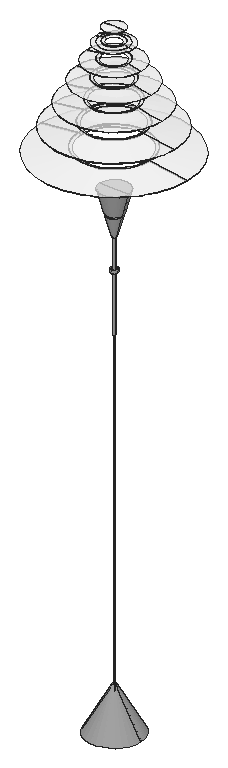
Revit family "Enigma 825", category Lighting Fixtures, host Face, Revit 2015
Parameters
  Width = 0 mm
  Weight (Kg) = 0
  Wattage = 96 W
  built-in parameter 1150110 = 1 (stored number, unit not read)
  Voltage (US Only) = 0 V
  Trim and Accessories = ""
  built-in parameter 1114217 = 1 (stored number, unit not read)
  Tilt Angle = -90.00°
  built-in parameter 1150109 = 1 (stored number, unit not read)
  built-in parameter 1150134 = 3
  Suspension Height [instance] = 2000 mm
  built-in parameter 1150113 = 1 (stored number, unit not read)
  Reflector Finish = none
  Product Documentation Link = ""
  Product Code = "x"
  Product Category = "Pendant"
  Power Factor (US Only) = 0
  Photometric Web File = "generic"
  Option = ""
  Number of Poles (US Only) = 0
  built-in parameter 1150142 = (empty or 0)
  Manufacturer = "Louis Poulsen Lighting"
  built-in parameter 1150105 = 267.38 (stored number, unit not read)
  Lumens = 3360 lm
  built-in parameter 1150115 = 1 (stored number, unit not read)
  Lighting Technique = ""
  built-in parameter 1150137 = (empty or 0)
  built-in parameter 1150139 = (empty or 0)
  Length = 0 mm
  built-in parameter 1150112 = 1 (stored number, unit not read)
  built-in parameter 1150114 = 1 (stored number, unit not read)
  Lamp = "x"
  Insulation Class (Not US) = ""
  built-in parameter 1150132 = 2
  built-in parameter 1150102 = (empty or 0)
  built-in parameter 1150107 = 3200 (stored number, unit not read)
  built-in parameter 1150138 = (empty or 0)
  built-in parameter 1150106 = 2.6738 (stored number, unit not read)
  IP (Not US) = ""
  IK (Not US - Outdoor only) = ""
  Height = 0 mm
  Efficiency (Lm/W) = ""
  built-in parameter 1150104 = 3.2516 (stored number, unit not read)
  Drawn By = "Louis Poulsen Lighting"
  Dimming Lamp Color Temperature Shift = <None>
  Designer = ""
  Description = "x"
  Default Elevation = 1000 mm
  Cut-off = "N/A"
  Color Filter = 16777215
  CRI = ""
  Build-in height = ""
  Bug Rating (US Outdoor Only) = "N/A"
  Body Finish = Louis Poulsen - ALU BR. & ANO - 912
  built-in parameter 1114218 = 1 (stored number, unit not read)
  built-in parameter 1150133 = 10 (stored number, unit not read)
Reference planes
  plane 1 "Center (Front/Back)": y = 0
  plane 2: z = 0
  plane 3 "Center (Left/Right)": x = 0
  plane 4 "Suspension height Ref Level": z = 2000
  plane 5: y = 0
  plane 6: through (472.843, 818.987, 1219.2) normal (0.866, -0.5, 0)
  plane 7: through (0, 0, 1219.2) normal (0.866, 0.5, 0)
Forms (mm)
  Revolve 1, solid, material "Louis Poulsen White Enigma"
    sketch origin (0, 0, 0) x (1, 0, 0) y (0, 0, 1)
      loop
        line (0, 3550.442) -> (0, 3545.039) -> (3.9, 3545.039)
        arc (3.9, 3545.039) -> (31.834, 3541.22) -> (60.025, 3540.808) r 232.72
        line (60.025, 3540.808) -> (60.025, 3542.596)
        arc (60.025, 3542.596) -> (29.815, 3545.01) -> (0, 3550.442) r 301.69
      loop
        line (39.49, 3468.451) -> (40.134, 3466.036) -> (55.522, 3470.135)
        arc (55.522, 3470.135) -> (56.343, 3470.278) -> (57.163, 3470.131) r 2.388
        arc (57.163, 3470.131) -> (68.101, 3467.414) -> (79.082, 3464.872) r 701.459
        arc (79.082, 3464.872) -> (91.825, 3462.444) -> (104.694, 3460.815) r 208.045
        line (104.694, 3460.815) -> (104.93, 3463.304)
        arc (104.93, 3463.304) -> (92.216, 3464.913) -> (79.626, 3467.312) r 205.545
        arc (79.626, 3467.312) -> (68.735, 3469.832) -> (57.886, 3472.527) r 698.959
        arc (57.886, 3472.527) -> (56.338, 3472.778) -> (54.79, 3472.527) r 4.888
        line (54.79, 3472.527) -> (39.49, 3468.451)
      loop
        line (63.005, 3380.455) -> (63.652, 3378.04) -> (79.329, 3382.24)
        arc (79.329, 3382.24) -> (79.963, 3382.324) -> (80.597, 3382.24) r 2.451
        arc (80.597, 3382.24) -> (117.395, 3374.532) -> (154.819, 3370.933) r 340.044
        line (154.819, 3370.933) -> (154.92, 3373.431)
        arc (154.92, 3373.431) -> (117.772, 3377.004) -> (81.245, 3384.655) r 337.544
        arc (81.245, 3384.655) -> (79.963, 3384.824) -> (78.682, 3384.655) r 4.951
        line (78.682, 3384.655) -> (63.005, 3380.455)
      loop
        line (88.519, 3284.291) -> (89.166, 3281.877) -> (105.235, 3286.182)
        arc (105.235, 3286.182) -> (105.982, 3286.281) -> (106.729, 3286.182) r 2.887
        arc (106.729, 3286.182) -> (158.548, 3275.468) -> (211.258, 3270.815) r 457.101
        line (211.258, 3270.815) -> (211.258, 3273.316)
        arc (211.258, 3273.316) -> (158.875, 3277.947) -> (107.376, 3288.597) r 454.601
        arc (107.376, 3288.597) -> (105.982, 3288.781) -> (104.588, 3288.597) r 5.387
        line (104.588, 3288.597) -> (88.519, 3284.291)
      loop
        line (116.935, 3178.304) -> (117.712, 3175.406) -> (133.956, 3179.759)
        arc (133.956, 3179.759) -> (134.45, 3179.824) -> (134.944, 3179.759) r 1.908
        arc (134.944, 3179.759) -> (203.128, 3165.982) -> (272.498, 3160.803) r 557.507
        line (272.498, 3160.803) -> (272.498, 3163.803)
        arc (272.498, 3163.803) -> (203.52, 3168.956) -> (135.72, 3182.656) r 554.507
        arc (135.72, 3182.656) -> (134.45, 3182.824) -> (133.179, 3182.656) r 4.908
        line (133.179, 3182.656) -> (116.935, 3178.304)
      loop
        line (148.032, 3062.301) -> (148.809, 3059.403) -> (165.069, 3063.76)
        arc (165.069, 3063.76) -> (165.543, 3063.821) -> (166.016, 3063.752) r 1.771
        arc (166.016, 3063.752) -> (252.417, 3047.807) -> (339.997, 3040.811) r 855.114
        line (339.997, 3040.811) -> (339.997, 3043.812)
        arc (339.997, 3043.812) -> (252.792, 3050.783) -> (166.762, 3066.658) r 852.114
        arc (166.762, 3066.658) -> (165.527, 3066.821) -> (164.292, 3066.658) r 4.771
        line (164.292, 3066.658) -> (148.032, 3062.301)
      loop
        line (182.53, 2936.291) -> (183.307, 2933.394) -> (199.511, 2937.736)
        arc (199.511, 2937.736) -> (200.083, 2937.808) -> (200.654, 2937.725) r 2.135
        arc (200.654, 2937.725) -> (305.835, 2918.872) -> (412.387, 2910.791) r 1051.617
        line (412.387, 2910.791) -> (412.462, 2913.79)
        arc (412.462, 2913.79) -> (306.244, 2921.845) -> (201.392, 2940.633) r 1048.617
        arc (201.392, 2940.633) -> (200.064, 2940.808) -> (198.735, 2940.633) r 5.135
        line (198.735, 2940.633) -> (182.53, 2936.291)
      axis (0, 3550.442) -> (0, 2910.791)
    angle from 0 to 360
  Revolve 2, solid, material "Louis Poulsen - ALU BR. & ANO - 912" <- "Body Finish"
    sketch origin (0, 0, 0) x (1, 0, 0) y (0, 0, 1)
      loop
        line (0, 2730.811) -> (0, 2000) -> (6.483, 2000) -> (6.483, 2307) -> (11.554, 2307) -> (11.554, 2315) -> (19.105, 2315) -> (19.105, 2329) -> (18.034, 2329) -> (18.034, 2327) -> (6.483, 2327) -> (6.483, 2490) -> (9.728, 2490)
        arc (9.728, 2490) -> (11.004, 2490.352) -> (11.772, 2491.431) r 1.976
        line (11.772, 2491.431) -> (41.744, 2597) -> (32.01, 2597) -> (32.01, 2610.811) -> (45.665, 2610.811) -> (79.735, 2730.811) -> (0, 2730.811)
      axis (0, 2730.811) -> (0, 2000)
    angle from 0 to 360
  Extrusion 3, solid, material "Louis poulsen Ledningshvid"
    sketch origin (0, 0, 0) x (1, 0, 0) y (0, 1, 0)
      loop
        circle (0, 0) r 4
    from 0 to 2000
  Revolve 4, solid, material "Louis Poulsen - ALU BR. & ANO - 912" <- "Body Finish"
    sketch origin (0, 0, 0) x (1, 0, 0) y (0, 0, 1)
      loop
        line (9.728, 240.811) -> (9.728, 232.811) -> (144.142, 0) -> (148.76, 0) -> (9.728, 240.811)
      axis (0, 240.811) -> (0, 0)
    angle from 0 to 360
Lines and regions (mm)
  reference lines
    curve 1: line (-29.734, 0, 3541.005) -> (-190.737, 0, 2936.203)
    curve 2: line (-190.737, 0, 2936.203) -> (-17.19, 0, 2327)
    curve 5: line (14.852, 25.724, 3540.889) -> (93.218, 161.458, 2930.696)
    curve 6: line (93.218, 161.458, 2930.696) -> (8.71, 15.087, 2327.089)
    curve 7: line (14.723, -25.501, 3540.801) -> (90.324, -156.445, 2934.366)
    curve 8: line (90.324, -156.445, 2934.366) -> (8.277, -14.336, 2326.112)
  model lines
    curve 3: line (-190.737, 0, 2936.203) -> (-17.19, 0, 2327)
    curve 4: line (-29.734, 0, 3541.005) -> (-190.737, 0, 2936.203)
    curve 9: line (8.277, -14.336, 2326.112) -> (90.324, -156.445, 2934.366)
    curve 10: line (90.324, -156.445, 2934.366) -> (14.723, -25.501, 3540.801)
    curve 11: line (8.71, 15.087, 2327.089) -> (93.218, 161.458, 2930.696)
    curve 12: line (93.218, 161.458, 2930.696) -> (14.852, 25.724, 3540.889)
Dimensions and locks
  "Suspension Height": plane 4 "Suspension height Ref Level" to level
  locked: imposter light to Revolve 2 at 1.625
  aligned and locked: plane 2 to host face
  aligned and locked: level to host face
  aligned and locked: Revolve 1 sketch curve to plane 3 "Center (Left/Right)"
  aligned and locked: Revolve 2 sketch curve to plane 3 "Center (Left/Right)"
  aligned and locked: plane 4 "Suspension height Ref Level" to Extrusion 3
  aligned and locked: Revolve 4 sketch curve to plane 3 "Center (Left/Right)"
  aligned and locked: curve 3 to curve 2
  aligned and locked: curve 4 to curve 1
Automatic sketch dimensions
  host sketch curve to host sketch curve = 854.334 mm
  host sketch curve to host sketch curve = 857.108 mm
  plane 1 "Center (Front/Back)" to Extrusion 3 sketch curve = 0 mm
  Extrusion 3 sketch curve to plane 3 "Center (Left/Right)" = 0 mm
  Revolve 1 sketch curve to Revolve 1 sketch curve = 0 mm  (x26)
  Revolve 1 sketch curve to plane 3 "Center (Left/Right)" = 0 mm
  Revolve 1 sketch curve to Revolve 1 sketch curve = 3.9 mm
  plane 3 "Center (Left/Right)" to Revolve 1 sketch curve = 39.49 mm
  Revolve 1 sketch curve to Revolve 1 sketch curve = 0.643 mm
  plane 3 "Center (Left/Right)" to Revolve 1 sketch curve = 49.328 mm
  Revolve 1 sketch curve to Revolve 1 sketch curve = 15.3 mm
  Revolve 1 sketch curve to Revolve 1 sketch curve = 0.732 mm
  Revolve 1 sketch curve to Revolve 1 sketch curve = 0.816 mm
  Revolve 1 sketch curve to Revolve 1 sketch curve = 56.125 mm
  plane 3 "Center (Left/Right)" to Revolve 1 sketch curve = 63.005 mm
  Revolve 1 sketch curve to Revolve 1 sketch curve = 0.647 mm  (x4)
  plane 3 "Center (Left/Right)" to Revolve 1 sketch curve = 68.917 mm
  Revolve 1 sketch curve to Revolve 1 sketch curve = 15.677 mm
  Revolve 1 sketch curve to Revolve 1 sketch curve = 0.634 mm
  plane 3 "Center (Left/Right)" to Revolve 1 sketch curve = 88.519 mm
  Revolve 1 sketch curve to Revolve 1 sketch curve = 16.069 mm
  Revolve 1 sketch curve to Revolve 1 sketch curve = 48.356 mm
  Revolve 1 sketch curve to Revolve 1 sketch curve = 0.236 mm
  Revolve 1 sketch curve to Revolve 1 sketch curve = 0.747 mm
  Revolve 1 sketch curve to Revolve 1 sketch curve = 10.953 mm
  Revolve 1 sketch curve to Revolve 1 sketch curve = 0.776 mm  (x6)
  plane 3 "Center (Left/Right)" to Revolve 1 sketch curve = 124.37 mm
  Revolve 1 sketch curve to Revolve 1 sketch curve = 16.244 mm
  Revolve 1 sketch curve to Revolve 1 sketch curve = 0.494 mm
  Revolve 1 sketch curve to Revolve 1 sketch curve = 13.582 mm
  Revolve 1 sketch curve to Revolve 1 sketch curve = 74.856 mm
  Revolve 1 sketch curve to Revolve 1 sketch curve = 0.101 mm
  Revolve 1 sketch curve to Revolve 1 sketch curve = 16.26 mm
  Revolve 1 sketch curve to Revolve 1 sketch curve = 0.458 mm
  Revolve 1 sketch curve to Revolve 1 sketch curve = 44.237 mm
  Revolve 1 sketch curve to Revolve 1 sketch curve = 17.003 mm
  Revolve 1 sketch curve to Revolve 1 sketch curve = 16.204 mm
  Revolve 1 sketch curve to Revolve 1 sketch curve = 0.552 mm
  Revolve 1 sketch curve to Revolve 1 sketch curve = 105.276 mm
  Revolve 1 sketch curve to Revolve 1 sketch curve = 56.428 mm
  plane 3 "Center (Left/Right)" to Revolve 1 sketch curve = 231.778 mm
  Revolve 1 sketch curve to Revolve 1 sketch curve = 61.239 mm
  Revolve 1 sketch curve to Revolve 1 sketch curve = 54.201 mm
  Revolve 1 sketch curve to Revolve 1 sketch curve = 67.5 mm
  Revolve 1 sketch curve to Revolve 1 sketch curve = 84.964 mm
  Revolve 1 sketch curve to Revolve 1 sketch curve = 72.39 mm
  Revolve 1 sketch curve to Revolve 1 sketch curve = 0.075 mm
  Revolve 1 sketch curve to Revolve 1 sketch curve = 74.338 mm
  plane 4 "Suspension height Ref Level" to Revolve 1 sketch curve = 910.791 mm
  Revolve 1 sketch curve to Revolve 1 sketch curve = 2.999 mm
  Revolve 1 sketch curve to Revolve 1 sketch curve = 19.603 mm
  Revolve 1 sketch curve to Revolve 1 sketch curve = 2.28 mm
  Revolve 1 sketch curve to Revolve 1 sketch curve = 2.898 mm  (x3)
  Revolve 1 sketch curve to Revolve 1 sketch curve = 127.021 mm
  Revolve 1 sketch curve to Revolve 1 sketch curve = 3.001 mm
  Revolve 1 sketch curve to Revolve 1 sketch curve = 123.112 mm
  Revolve 1 sketch curve to Revolve 1 sketch curve = 2.646 mm
  Revolve 1 sketch curve to Revolve 1 sketch curve = 116.99 mm
  Revolve 1 sketch curve to Revolve 1 sketch curve = 3 mm
  Revolve 1 sketch curve to Revolve 1 sketch curve = 113.105 mm
  Revolve 1 sketch curve to Revolve 1 sketch curve = 2.509 mm
  Revolve 1 sketch curve to Revolve 1 sketch curve = 88.158 mm
  Revolve 1 sketch curve to Revolve 1 sketch curve = 2.501 mm
  Revolve 1 sketch curve to Revolve 1 sketch curve = 103.573 mm
  Revolve 1 sketch curve to Revolve 1 sketch curve = 1.517 mm
  Revolve 1 sketch curve to Revolve 1 sketch curve = 2.415 mm  (x2)
  Revolve 1 sketch curve to Revolve 1 sketch curve = 82.336 mm
  Revolve 1 sketch curve to Revolve 1 sketch curve = 2.498 mm
  Revolve 1 sketch curve to Revolve 1 sketch curve = 4.608 mm
  Revolve 1 sketch curve to Revolve 1 sketch curve = 1.833 mm
  Revolve 1 sketch curve to Revolve 1 sketch curve = 76.16 mm
  Revolve 1 sketch curve to Revolve 1 sketch curve = 2.489 mm
  Revolve 1 sketch curve to Revolve 1 sketch curve = 5.221 mm
  Revolve 1 sketch curve to Revolve 1 sketch curve = 1.855 mm
  Revolve 1 sketch curve to Revolve 1 sketch curve = 2.416 mm
  Revolve 1 sketch curve to Revolve 1 sketch curve = 68.281 mm
  Revolve 1 sketch curve to Revolve 1 sketch curve = 1.788 mm
  Revolve 1 sketch curve to Revolve 1 sketch curve = 2.443 mm
  Revolve 1 sketch curve to Revolve 1 sketch curve = 5.403 mm
  Revolve 1 sketch curve to Revolve 1 sketch curve = 105.355 mm
  Revolve 1 sketch curve to Revolve 1 sketch curve = 42.77 mm
  Revolve 1 sketch curve to Revolve 1 sketch curve = 7.572 mm
  Revolve 1 sketch curve to Revolve 1 sketch curve = 9.438 mm
  Revolve 1 sketch curve to Revolve 1 sketch curve = 177.313 mm
  Revolve 1 sketch curve to Revolve 1 sketch curve = 66.5 mm
  Revolve 1 sketch curve to Revolve 1 sketch curve = 187.427 mm
  Revolve 1 sketch curve to Revolve 1 sketch curve = 1.641 mm
  Revolve 1 sketch curve to Revolve 1 sketch curve = 0.723 mm
  Revolve 1 sketch curve to Revolve 1 sketch curve = 88.355 mm
  Revolve 1 sketch curve to Revolve 1 sketch curve = 34.597 mm
  Revolve 2 sketch curve to plane 3 "Center (Left/Right)" = 0 mm
  Revolve 2 sketch curve to plane 4 "Suspension height Ref Level" = 0 mm
  plane 3 "Center (Left/Right)" to Revolve 2 sketch curve = 6.483 mm  (x2)
  Revolve 2 sketch curve to Revolve 2 sketch curve = 3.245 mm
  Revolve 2 sketch curve to Revolve 2 sketch curve = 0.143 mm
  Revolve 2 sketch curve to Revolve 2 sketch curve = 5.071 mm
  Revolve 2 sketch curve to Revolve 2 sketch curve = 1.901 mm
  Revolve 2 sketch curve to Revolve 2 sketch curve = 11.551 mm
  Revolve 2 sketch curve to Revolve 2 sketch curve = 1.071 mm
  plane 3 "Center (Left/Right)" to Revolve 2 sketch curve = 32.01 mm
  Revolve 2 sketch curve to Revolve 2 sketch curve = 9.734 mm
  Revolve 2 sketch curve to Revolve 2 sketch curve = 13.655 mm
  plane 3 "Center (Left/Right)" to Revolve 2 sketch curve = 79.735 mm
  Revolve 2 sketch curve to Revolve 2 sketch curve = 307 mm
  Revolve 2 sketch curve to Revolve 2 sketch curve = 8 mm
  Revolve 2 sketch curve to Revolve 2 sketch curve = 12 mm
  Revolve 2 sketch curve to Revolve 2 sketch curve = 2 mm
  Revolve 2 sketch curve to Revolve 2 sketch curve = 161 mm
  Revolve 2 sketch curve to Revolve 2 sketch curve = 1.431 mm
  Revolve 2 sketch curve to Revolve 2 sketch curve = 105.029 mm
  Revolve 2 sketch curve to Revolve 2 sketch curve = 13.811 mm
  Revolve 2 sketch curve to Revolve 2 sketch curve = 120 mm
  Revolve 2 sketch curve to plane 4 "Suspension height Ref Level" = 149.189 mm
  Revolve 2 sketch curve to Revolve 2 sketch curve = 100 mm
  Revolve 4 sketch curve to level = 0 mm
  plane 3 "Center (Left/Right)" to Revolve 4 sketch curve = 9.728 mm
  plane 3 "Center (Left/Right)" to Revolve 4 sketch curve = 144.142 mm
  Revolve 4 sketch curve to Revolve 4 sketch curve = 4.619 mm
  level to Revolve 4 sketch curve = 232.811 mm
  Revolve 4 sketch curve to Revolve 4 sketch curve = 8 mm
  Revolve 4 sketch curve to level = 32.339 mm
  Revolve 4 sketch curve to Revolve 4 sketch curve = 16.849 mm
  curve 1 to plane 3 "Center (Left/Right)" = 190.737 mm
  plane 4 "Suspension height Ref Level" to curve 2 = 936.203 mm
  curve 1 to plane 3 "Center (Left/Right)" = 29.734 mm
  curve 2 to plane 3 "Center (Left/Right)" = 17.19 mm
  plane 4 "Suspension height Ref Level" to curve 2 = 327 mm
  curve 1 to curve 1 = 604.802 mm
  curve 4 to plane 3 "Center (Left/Right)" = 29.734 mm
  curve 3 to plane 3 "Center (Left/Right)" = 17.19 mm
  plane 4 "Suspension height Ref Level" to curve 6 = 327.089 mm
  plane 4 "Suspension height Ref Level" to curve 5 = 1540.889 mm
  curve 6 to curve 5 = 12.283 mm
  curve 6 to curve 6 = 169.015 mm
  plane 4 "Suspension height Ref Level" to curve 5 = 930.696 mm
  plane 4 "Suspension height Ref Level" to curve 8 = 934.366 mm
  plane 4 "Suspension height Ref Level" to curve 7 = 1540.801 mm
  curve 7 to curve 7 = 151.201 mm
  plane 4 "Suspension height Ref Level" to curve 8 = 326.112 mm
  curve 7 to curve 8 = 164.094 mm
  plane 4 "Suspension height Ref Level" to curve 10 = 934.366 mm
  plane 4 "Suspension height Ref Level" to curve 10 = 1540.801 mm
  curve 9 to curve 10 = 151.201 mm
  plane 4 "Suspension height Ref Level" to curve 9 = 326.112 mm
  curve 9 to curve 9 = 164.094 mm
  plane 4 "Suspension height Ref Level" to curve 11 = 327.089 mm
  plane 4 "Suspension height Ref Level" to curve 12 = 1540.889 mm
  curve 11 to curve 12 = 12.283 mm
  curve 11 to curve 12 = 169.015 mm
  plane 4 "Suspension height Ref Level" to curve 11 = 930.696 mm
  radius of Extrusion 3 sketch curve = 4 mm
Nested families
  nested 1: "LP-Revit-Annotation" at (0, 0, 0), type "LP-Revit-Annotation"
Connectors
  electrical at (0, 0, 0)
    settings: index 1, voltage 0 V, apparent load 0 VA, apparent load phase1 0 VA, apparent load phase2 0 VA, apparent load phase3 0 VA, power factor 1, load classification "Other", number of poles 1, system type 31, power factor state 1, is connector primary yes, connector utility no, sub classification motor no, connector description ""
Definition of nested family "LP-Revit-Annotation"
  Reference planes
    plane 1: y = 0
    plane 2: x = 0
  Lines and regions (mm)
    detail lines
      curve 1: circle (0, 0, 0) r 2.5 normal (0, 0, 1)
      curve 2: line (-1.768, -1.768, 0) -> (1.768, 1.768, 0)
      curve 3: line (-1.768, 1.768, 0) -> (1.768, -1.768, 0)
  Dimensions and locks
    radius of curve 1 = 2.5 mm
